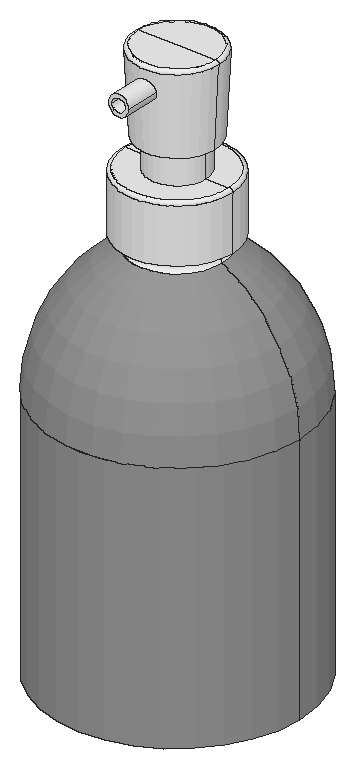
Revit family "OD-2", category Plumbing Fixtures, Revit 2020
Family settings
  Round Connector Dimension = Use Diameter
  Part Type = Normal
  Work Plane-Based = Yes
  Always vertical = Yes
  Cut with Voids When Loaded = No
  Shared = Yes
  Room Calculation Point = No
Parameters (values of type "7500461-104")
  métal chromé = NB - métal chromé
  récipient = NB - verre dépoli
  Dessinateur = "A. Faber, www.lichtatelier.eu"
  URL = "www.normbau.de"
  Série = "NB cavere"
  Default Elevation = 1.2192 m
  Catégorie de produits = "7010"
  Surface = 104 - Aubergine cavere
  Manufacturer = "Normbau Beschläge und Ausstattungs GmbH"
  Coloris = "104"
  Désignation = "Distributeur de savon liquide, 168 x 80 x 100 mm"
  Code article = "7500461-104"
  Descriptif = "168 x 80 x 100 mm, en aluminium, revêtement laqué anti-rayure, avec protection antibactérienne intégrée, informations voir chapitre 8, en coloris cavere®, pompe en métal chrome, verre satinè, contenance 230ml, montage simple et rapide, fixation murale invisible, livraison avec vis inox Torx Ø 5 x 60 mm et chevilles pour matériaux de construction pleins."
  Référence = "700.500.461"
Reference planes (m)
  plane 1 "Mitte (Vorne/Hinten)": y = 0
  plane 2: z = 0
  plane 3 "Mitte (Links/Rechts)": x = 0
Forms (m)
  Sweep 1, solid, material "NB - métal chromé" <- "métal chromé"
    path origin (0, 0, 0.029) x (0, 1, 0) y (0, 0, 1)
      loop
        line (-0.070981, 0.070192) -> (-0.081848, 0.070192)
    profile origin (0, -0.076415, 0.099192) x (0, 0, -1) y (1, 0, 0)
      loop
        circle (0, 0) r 0.002
      loop
        circle (0, 0) r 0.003
  Revolve 2, solid, material "kkkiu"
    sketch origin (0, -0.06, 0) x (1, 0, 0) y (0, 0, 1)
      loop
        line (0.000004, 0.052189) -> (0.000004, 0.051189) -> (0.011474, 0.051189)
        arc (0.011474, 0.051189) -> (0.013178, 0.050956) -> (0.014757, 0.050274) r 0.006349
        arc (0.014757, 0.050274) -> (0.03009, 0.03448) -> (0.035682, 0.013189) r 0.043326
        line (0.035682, 0.013189) -> (0.035682, -0.060811) -> (0.000004, -0.060811) -> (0.000004, -0.061811) -> (0.036682, -0.061811) -> (0.036682, 0.013189)
        arc (0.036682, 0.013189) -> (0.030426, 0.035894) -> (0.013422, 0.052189) r 0.044326
        line (0.013422, 0.052189) -> (0.000004, 0.052189)
      axis (0.000004, -0.061811) -> (0.000004, 0.052189)
    angle from 0 to 360
  Revolve 3, solid, material "NB - métal chromé" <- "métal chromé"
    sketch origin (0, -0.06, 0) x (1, 0, 0) y (0, 0, 1)
      loop
        line (0.000004, 0.052189) -> (0.013422, 0.052189)
        arc (0.013422, 0.052189) -> (0.012631, 0.054141) -> (0.013811, 0.055886) r 0.002238
        line (0.013811, 0.055886) -> (0.016506, 0.055886) -> (0.016506, 0.072023)
        arc (0.016506, 0.072023) -> (0.016213, 0.07273) -> (0.015506, 0.073023) r 0.001
        line (0.015506, 0.073023) -> (0.0086, 0.073023) -> (0.0086, 0.081869) -> (0.011284, 0.081869) -> (0.012486, 0.104805)
        arc (0.012486, 0.104805) -> (0.012212, 0.105545) -> (0.011487, 0.105857) r 0.001
        line (0.011487, 0.105857) -> (0.000004, 0.105857) -> (0.000004, 0.052189)
      axis (0.000004, 0.052189) -> (0.000004, 0.105857)
    angle from 0 to 360
Dimensions and locks (m)
  aligned and locked: level to plane 2
